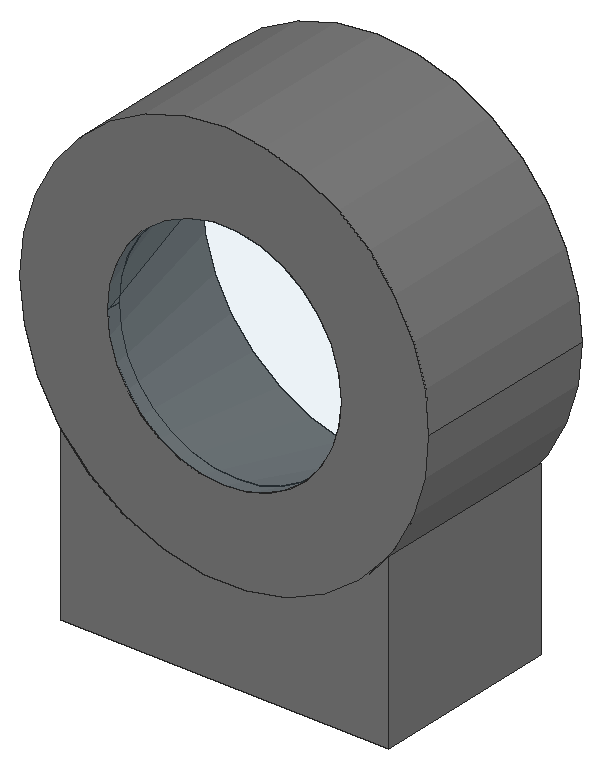
Revit family "Lighting-ArredoUrbano-GEWISS-ELIA-OL-LED_APPLIQUE_PARETE", category Apparecchi per illuminazione, host Superficie, Revit 2019
Family settings
  Host = Superficie
  Quota connettore circolare = Usa diametro
  Tipo di parte = Normale
  Taglio con vuoti quando caricato = No
  Sorgente d'illuminazione = Sì
  Condiviso = No
  Punto di calcolo locali = Sì
Parameters (values of type "GWF2100FR840 - ELIA OL ST AL ON/OFF 4000K BLACK")
  larghezza lampada = Lugnezza massima - 24 mm  # -4 mm
  Wattage = 9.2903 W
  Viti esterne = "-"
  Visibilità etichetta [instance] = yes
  Visibilità simbolo [instance] = yes
  Visibilità lampada in pianta [instance] = yes
  Versioni = "Standard Nero"
  Versione file RFA = "21.4"
  Variazione temperatura colore lampada con luminosità attenuata = (empty or 0)
  Vano di alimentazione = "Integrato"
  URL = "https://www.gewiss.com/it/it"
  Tolleranza cromatica = "SDCM = 5"
  Tipologia sorgente luminosa = "LED - Non sostituibile"
  Tipo di installazione e montaggio = "Parete"
  Tipo di apparecchio = "Apparecchio a LED per illuminazione diffusa"
  Tensione di alimentazione = "100-240 V "
  Temperatura di stoccaggio = "-20° +65°"
  Temperatura di esercizio = "-20° +45°"
  built-in parameter 1150107 = 3200 (stored number, unit not read)
  Superficie massima esposta al vento : = "-"
  Spostamento_x_effettivo [instance] = 4000 mm - Spostamento_x  # 4000 mm
  Spostamento_x [instance] = 0 mm
  Spostamento_y_effettivo [instance] = 4000 mm - Spostamento_y  # 4000 mm
  Spostamento_y [instance] = 0 mm
  SostituibilitÃ  piastra di cablaggio = "Non disponibile"
  SostituibilitÃ  gruppo ottico = "Non disponibile"
  Sistema di controllo = "Stand alone"
  Schermo = "Policarbonato"
  Scheda Tecnica = "https://www.gewiss.com/it/it/search?q=GWF2100FR840"
  Resistenza al filo incandescente = "750 °C"
  Resistenza agli urti = "IK08"
  ROTAZIONE [instance] = 45
  built-in parameter 1150110 = 1 (stored number, unit not read)
  built-in parameter 1150109 = 1 (stored number, unit not read)
  built-in parameter 1114218 = 1 (stored number, unit not read)
  built-in parameter 1150112 = 1 (stored number, unit not read)
  POSIZIONE = 80000  # constant formula
  Ottica = "Opale diffondente"
  Norma di riferimento = "-"
  built-in parameter 1150142 = (empty or 0)
  built-in parameter 1150137 = (empty or 0)
  built-in parameter 1150132 = (empty or 0)
  Materiali = "-"
  Lugnezza massima = 20 mm
  Default Elevation = 1219.2 mm
  Produttore = "GEWISS S.p.A."
  Nome quadro [instance] = "330W"
  Modello = "GWF2100FR840"
  built-in parameter 1150105 = 109.82 (stored number, unit not read)
  built-in parameter 1150102 = (empty or 0)
  Installazione e manutenzione = "-"
  Informazioni generali = "-"
  Indice di resa cromatica = "CRI>80"
  Inclinazione = "-"
  Immagine tipo = EliaOL.jpg
  built-in parameter 1150106 = 1.0982 (stored number, unit not read)
  IPEA = "-"
  IDT = "30b4c0cd-5e0e-4ed9-a176-a58e6e2db9cb"
  IDF = "7a53463c-370d-41ec-b971-df016d503691"
  Guarnizioni = "-"
  Gruppo ottico = "-"
  Grado di protezione = "IP65"
  Garanzia = "5 anni"
  Gancio di chiusura = "-"
  Frequenza nominale (Hz) = "50/60 Hz"
  Lumens = 1380 lm
  Fissaggio = "Supporto in acciaio INOX"
  Finitura colore = "-"
  Color Filter = 16777215
  File diagramma fotometrico = "generic"
  built-in parameter 1114217 = 1 (stored number, unit not read)
  built-in parameter 1150139 = (empty or 0)
  Failure rate alimentatore = "F025 = 50.000h Tq 25°C"
  Emit from Line Length = 609.6 mm
  built-in parameter 1150104 = 13.8 (stored number, unit not read)
  Durata di vita = "L80B50 (Tq25°C) = 50.000h"
  Distanza dal host [instance] = 0 mm
  Dispositivo di protezione = "DM 0,5KV / CM 1KV"
  built-in parameter 1150115 = 1 (stored number, unit not read)
  built-in parameter 1150114 = 1 (stored number, unit not read)
  built-in parameter 1150113 = 1 (stored number, unit not read)
  Descrizione = "ELIA OL ST AL ON/OFF 4000K BLACK"
  Creato da GEWISS S.p.A. = ""
  Corpo = "Alluminio pressofuso"
  Controllo abbagliamento e luminanza = "UGR < 25"
  Contesto = "Illuminazione architetturale esterna"
  built-in parameter 1150134 = 3
  built-in parameter 1150138 = (empty or 0)
  Colore = "Nero"
  Codice digitale univoco (Datamatrix) = "Attualmente non presente"
  Codice Electrocod = "2419"
  Codice EAN = "8034035077326"
  Classificazione: = "-"
  Classe isolamento = "I"
  Classe fotobiologica = "RG0"
  Certificazioni e classificazioni = "-"
  Certificazione DIN 18032-3 = "-"
  Catalogo = "LIGHTING"
  Caratteristiche ottiche e illuminotecniche = "-"
  Caratteristiche elettriche e gestione della luce = "-"
  Cablaggio = "Con morsetto"
  COBie.Tagnumber = ""
  COBie.CreatedOn = ""
  COBie.CreatebBy = ""
  COBie.ComponentRegisterItemID = ""
  COBie.Component.TagNumber = ""
  COBie.Component.Space = ""
  COBie.Component.SerialNumber = ""
  COBie.Component.InstallationDate = ""
  COBie.Component.Description = ""
  COBie.Component.BarCode = ""
  Applicazione = "Esterno"
  Apparecchio a ridotta temperatura superficiale = "-"
  Angolo inclinazione = 60.00°
  Alimentatore = "Incluso"
  built-in parameter 1150133 = 10 (stored number, unit not read)
Types (6, lengths in mm): name | Versioni | Scheda Tecnica | Modello | IDT | Descrizione | Colore | Codice EAN
  GWF2100FR830 - ELIA OL ST AL ON/OFF 3000K BLACK | "Standard Nero" | "https://www.gewiss.com/it/it/search?q=GWF2100FR830" | "GWF2100FR830" | "0ec62ec6-f161-42b0-b560-61770186a336" | "ELIA OL ST AL ON/OFF 3000K BLACK" | "Nero" | "8034035077319"
  GWF2100FR840 - ELIA OL ST AL ON/OFF 4000K BLACK | "Standard Nero" | "https://www.gewiss.com/it/it/search?q=GWF2100FR840" | "GWF2100FR840" | "30b4c0cd-5e0e-4ed9-a176-a58e6e2db9cb" | "ELIA OL ST AL ON/OFF 4000K BLACK" | "Nero" | "8034035077326"
  GWF2100FR857 - ELIA OL ST AL ON/OFF 5700K BLACK | "Standard Nero" | "https://www.gewiss.com/it/it/search?q=GWF2100FR857" | "GWF2100FR857" | "23292182-ba02-48fa-8076-ee4c60eff230" | "ELIA OL ST AL ON/OFF 5700K BLACK" | "Nero" | "8034035077333"
  GWF2110FR830 - ELIA OL ST AL ON/OFF 3000K WHITE | "Standard Bianco" | "https://www.gewiss.com/it/it/search?q=GWF2110FR830" | "GWF2110FR830" | "b2d51103-1f0c-497b-8fe5-a0aa5a3b7783" | "ELIA OL ST AL ON/OFF 3000K WHITE" | "Bianco" | "8034035077340"
  GWF2110FR840 - ELIA OL ST AL ON/OFF 4000K WHITE | "Standard Bianco" | "https://www.gewiss.com/it/it/search?q=GWF2110FR840" | "GWF2110FR840" | "bfac5076-3fbf-491e-a817-455913e02d01" | "ELIA OL ST AL ON/OFF 4000K WHITE" | "Bianco" | "8034035077357"
  GWF2110FR857 - ELIA OL ST AL ON/OFF 5700K WHITE | "Standard Bianco" | "https://www.gewiss.com/it/it/search?q=GWF2110FR857" | "GWF2110FR857" | "76171953-cab9-47e1-8155-4be16dac29fa" | "ELIA OL ST AL ON/OFF 5700K WHITE" | "Bianco" | "8034035077364"
Reference planes
  plane 1 "Centro (Fronte/Retro)": y = 0
  plane 2: z = 0
  plane 3 "Centro (Sinistra/Destra)": x = 0
  plane 4: x = -4000
  plane 5: x = 0
  plane 6: x = 0
  plane 7: y = -4000
  plane 8: y = 0
  plane 9 "a": through (0, -290.182, 34.975) normal (0, -0.7071, 0.7071)
  plane 10: through (-235.047, -128.222, 1219.2) normal (-0.9563, 0.2924, 0)
  plane 11: through (-40, -89.462, 1219.2) normal (0.1564, 0.9877, 0)
  plane 12: through (239.503, 190.64, 1219.2) normal (0.9563, -0.2924, 0)
Dimensions and locks
  plane 4 to plane 3 "Centro (Sinistra/Destra)" = 4000 mm  (x2)
  "Spostamento_x_effettivo": plane 4 to plane 5
  "Spostamento_x_effettivo": plane 6 to plane 4
  "Spostamento_y_effettivo": plane 8 to plane 7
  plane 1 "Centro (Fronte/Retro)" to plane 7 = 4000 mm
  angle plane 11 to plane 12 = 82.00°  (x2)
  angle plane 10 to plane 11 = 98.00°
  aligned and locked: plane 2 to host face
  aligned and locked: level to host face
  aligned and locked: plane 6 to nested 1
  aligned and locked: nested 1 to plane 8
  aligned and locked: plane 8 to imposter light
Automatic sketch dimensions
  host sketch curve to host sketch curve = 2438.4 mm  (x2)
Nested families
  nested 1: "Etichetta light" at (0, 0, 0), visible <- "Visibilità etichetta", type "Etichetta light"
  nested 2: "ELIA OL_Base" at (0, 0, 0), type "ELIA OL_Base"
Definition of nested family "ELIA OL_Base"
  Parameters (values of type "ELIA OL_Base")
    led = none
    h_lampada = 58 mm
    d4 = 120 mm
    d3 = 80 mm
    d2 = 140 mm
    d1 = 90 mm
    Finitura struttura = none
  Reference planes
    plane 1 "Centro (Fronte/Retro)": y = 0
    plane 2: z = 0
    plane 3 "Centro (Sinistra/Destra)": x = 0
    plane 4: z = 7.141
    plane 5: z = 65.141
    plane 6: x = -56
    plane 7: x = 56
    plane 8: z = 56.217
    plane 9: x = -40
    plane 10: x = 40
  Forms (mm)
    Extrusion 1, solid, material <- "Finitura struttura"
      sketch origin (0, 0, 100.609) x (1, 0, 0) y (0, 0, -1)
        loop
          line (-56, 100.609) -> (-56, 42)
          arc (-56, 42) -> (0, 70) -> (56, 42) r 70
          line (56, 42) -> (56, 100.609) -> (-56, 100.609)
      from 0 to 65.141
    Extrusion 2, solid, material <- "Finitura struttura"
      sketch origin (0, 0, 100.609) x (1, 0, 0) y (0, 0, -1)
        loop
          circle (0, 0) r 70
      from 0 to 65.141
    Blend 3, void
      base sketch origin (0, 0, 100.609) x (1, 0, 0) y (0, 0, -1)
        loop
          circle (0, 0) r 40
      top sketch origin (0, 0, 100.609) x (1, 0, 0) y (0, 0, -1)
        loop
          circle (0, 0) r 60
      from 0 to 65.141
    Extrusion 4, solid, material <- "led"
      sketch origin (0, 15.304, 100.609) x (1, 0, 0) y (0, 0, -1)
        loop
          circle (0, 0) r 40
      from -15.304 to -10.304
    Extrusion 5, solid, material <- "Finitura struttura", not visible
      sketch origin (0, 0, 100.609) x (1, 0, 0) y (0, 0, -1)
        loop
          line (-56, 100.609) -> (-56, 42)
          arc (-56, 42) -> (0, 70) -> (56, 42) r 70
          line (56, 42) -> (56, 100.609) -> (-56, 100.609)
      from 0 to 65.141
    Extrusion 6, solid, material <- "Finitura struttura", not visible
      sketch origin (0, 0, 100.609) x (1, 0, 0) y (0, 0, -1)
        loop
          circle (0, 0) r 70
      from 0 to 65.141
    Blend 7, void, not visible
      base sketch origin (0, 0, 100.609) x (1, 0, 0) y (0, 0, -1)
        loop
          circle (0, 0) r 40
      top sketch origin (0, 0, 100.609) x (1, 0, 0) y (0, 0, -1)
        loop
          circle (0, 0) r 60
      from 0 to 65.141
    Extrusion 8, solid, material <- "led", not visible
      sketch origin (0, 15.304, 100.609) x (1, 0, 0) y (0, 0, -1)
        loop
          circle (0, 0) r 40
      from 0 to 7.141
  Cuts and joins
    Blend 3 cuts Extrusion 2
  Dimensions and locks
    locked: plane 4 to plane 2 at 7.141
    "h_lampada": plane 5 to plane 4
    equal spacing: plane 6, plane 3 "Centro (Sinistra/Destra)", plane 7
    plane 6 to plane 7 = 112 mm
    locked: plane 5 to plane 8 at 8.924
    "d3": diameter of Blend 3 sketch curve
    "d4": diameter of Blend 3 sketch curve
    "d3": diameter of Extrusion 4 sketch curve
    "d3": diameter of Blend 7 sketch curve
    "d4": diameter of Blend 7 sketch curve
    "d3": diameter of Extrusion 8 sketch curve
    aligned and locked: level to plane 2
    aligned and locked: plane 3 "Centro (Sinistra/Destra)" to Extrusion 4 sketch curve
    aligned and locked: plane 3 "Centro (Sinistra/Destra)" to Extrusion 2 sketch curve
    aligned and locked: plane 1 "Centro (Fronte/Retro)" to Extrusion 4
  Automatic sketch dimensions
    Extrusion 1 sketch curve to Extrusion 1 sketch curve = 56 mm  (x2)
    Extrusion 1 sketch curve to Extrusion 1 sketch curve = 42 mm
    Extrusion 1 sketch curve to Extrusion 1 sketch curve = 58.609 mm
    Extrusion 5 sketch curve to Extrusion 5 sketch curve = 56 mm  (x2)
    Extrusion 5 sketch curve to Extrusion 5 sketch curve = 42 mm
    Extrusion 5 sketch curve to Extrusion 5 sketch curve = 58.609 mm
    Extrusion 1 sketch curve to plane 6 = 0 mm
    Extrusion 1 sketch curve to level = 0 mm
    plane 5 to Extrusion 2 sketch curve = 35.468 mm
    Blend 3 sketch curve to plane 3 "Centro (Sinistra/Destra)" = 0 mm  (x2)
    plane 5 to Blend 3 sketch curve = 35.468 mm  (x2)
    plane 5 to Extrusion 4 sketch curve = 35.468 mm
    radius of Extrusion 2 sketch curve = 70 mm
    radius of Extrusion 6 sketch curve = 70 mm
Definition of nested family "Etichetta light"
  Parameters (values of type "ETICHETTA LIGHT")
    COMMENTI = "330W"
  Reference planes
    plane 1: y = 0
    plane 2: x = 0
  Text (mm)
    label "COMMENTI" at (-0.057, 0.105, 0), shows "COMMENTI"
